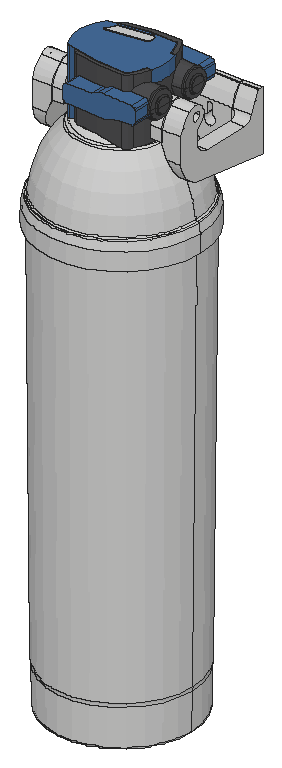
Revit family "QF_Vivreau_PURITY C500 Quell ST Advanced", category Specialty Equipment, Revit 2020 (continued)
Definition of nested family "QF_Vivreau_Wall Bracket_C500"
  Forms (in)
    Extrusion 4, void
      sketch origin (0, 0, 0) x (1, 0, 0) y (0, 0, 1)
        loop
          arc (4.06057, 55.15765) -> (3.95806, 55.23272) -> (3.85556, 55.15765) r 0.10752
          line (3.85556, 55.15765) -> (3.85556, 54.83453)
      from 0 to 0.50028
    Extrusion 5, solid
      sketch origin (0, 0, 0) x (0, 1, 0) y (0, 0, 1)
        loop
          arc (-3.32952, 56.64719) -> (-3.60078, 56.37477) -> (-3.74609, 56.01885) r 0.97803
          line (-3.74609, 56.01885) -> (-3.74609, 55.58356) -> (-3.04993, 55.58356) -> (-3.04993, 55.82751)
          arc (-3.04993, 55.82751) -> (-3.01891, 55.92778) -> (-2.95631, 56.01202) r 0.31113
          arc (-2.95631, 56.01202) -> (-2.87354, 56.09395) -> (-2.79381, 56.17883) r 3.21432
          arc (-2.79381, 56.17883) -> (-2.73635, 56.27963) -> (-2.7179, 56.39419) r 0.32555
          arc (-2.7179, 56.39419) -> (-2.77627, 56.58692) -> (-2.92668, 56.72083) r 0.37126
          arc (-2.92668, 56.72083) -> (-3.14017, 56.75004) -> (-3.32952, 56.64719) r 0.34587
      from 0.71175 to 1.13945
    Extrusion 6, solid
      sketch origin (4.34798, 0, 0) x (0, 1, 0) y (0, 0, 1)
        loop
          arc (-3.32952, 56.64719) -> (-3.60078, 56.37477) -> (-3.74609, 56.01885) r 0.97803
          line (-3.74609, 56.01885) -> (-3.74609, 55.58356) -> (-3.04993, 55.58356) -> (-3.04993, 55.82751)
          arc (-3.04993, 55.82751) -> (-3.01891, 55.92778) -> (-2.95631, 56.01202) r 0.31113
          arc (-2.95631, 56.01202) -> (-2.87354, 56.09395) -> (-2.79381, 56.17883) r 3.21432
          arc (-2.79381, 56.17883) -> (-2.73635, 56.27963) -> (-2.7179, 56.39419) r 0.32555
          arc (-2.7179, 56.39419) -> (-2.77627, 56.58692) -> (-2.92668, 56.72083) r 0.37126
          arc (-2.92668, 56.72083) -> (-3.14017, 56.75004) -> (-3.32952, 56.64719) r 0.34587
      from 0 to 0.4277
    Extrusion 7, solid
      sketch origin (0, 0, 0) x (0, 1, 0) y (0, 0, 1)
        loop
          circle (-3.06236, 56.38281) r 0.17302
      from 1.13945 to 1.35172
    Extrusion 8, solid
      sketch origin (2.86179, 0, 0) x (0, 1, 0) y (0, 0, 1)
        loop
          circle (-3.06236, 56.38281) r 0.17302
      from 1.19877 to 1.48618
    Extrusion 9, void
      sketch origin (0, 0, 0) x (1, 0, 0) y (0, 0, 1)
        loop
          line (0.15642, 53.82017) -> (0.15642, 53.76981) -> (0.77378, 53.76981) -> (0.77378, 55.54717) -> (0.71175, 55.54717)
          arc (0.71175, 55.54717) -> (0.39158, 54.69733) -> (0.15642, 53.82017) r 9.23624
      from 0.51986 to 3.74609
    Extrusion 10, void
      sketch origin (5.48742, 0, 0) x (-1, 0, 0) y (0, 0, -1)
        loop
          arc (0.15642, -53.82017) -> (0.39158, -54.69733) -> (0.71175, -55.54717) r 9.23624
          line (0.71175, -55.54717) -> (0.77378, -55.54717) -> (0.77378, -53.76981) -> (0.15642, -53.76981) -> (0.15642, -53.82017)
      from 0.51986 to 3.74609
  Cuts and joins
    Extrusion 4, Extrusion 9 cuts Extrusion 3
    Extrusion 9, Extrusion 10 cuts Extrusion 1
    Extrusion 10 cuts Extrusion 2
  Lines and regions (in)
    symbolic lines
      curve 1: line (0, -3.23537, 56.38281) -> (0, -2.88934, 56.38281)
      curve 2: line (0.40405, -0.13295, 0) -> (0.40405, 0, 0)
      curve 3: line (0.40405, 0, 0) -> (5.08337, 0, 0)
      curve 4: line (5.08337, -0.13295, 0) -> (5.08337, 0, 0)
      curve 5: line (0.40405, -0.13295, 0) -> (5.08337, -0.13295, 0)
      curve 6: arc (0.40405, -0.13295, 0) -> (0.42218, -0.30656, 0) -> (0.44979, -0.47891, 0) r 3.18691
      curve 7: arc (0.44979, -0.47891, 0) -> (0.44265, -0.54927, 0) -> (0.42407, -0.6175, 0) r 0.42983
      curve 8: arc (0.42407, -0.6175, 0) -> (0.08893, -1.60757, 0) -> (0, -2.64903, 0) r 4.34392
      curve 9: arc (1.01852, -0.51986, 0) -> (0.66155, -1.5729, 0) -> (0.57957, -2.68176, 0) r 4.40598
      curve 10: line (0.39328, -2.68176, 0) -> (1.02034, -2.68176, 0)
      curve 11: line (1.02034, -2.68176, 0) -> (1.02034, -3.68176, 0)
      curve 12: arc (0.39328, -2.68176, 0) -> (0.27454, -2.7648, 0) -> (0.22894, -2.90232, 0) r 0.23018
      curve 13: arc (0.12248, -3.08148, 0) -> (0.15422, -3.06272, 0) -> (0.17635, -3.03322, 0) r 0.09432
      curve 14: arc (0.17635, -3.03322, 0) -> (0.20476, -2.96863, 0) -> (0.22894, -2.90232, 0) r 1.08965
      curve 15: arc (0.12248, -3.08148, 0) -> (0.0982, -3.08363, 0) -> (0.07385, -3.08469, 0) r 0.54642
      curve 16: arc (0.07385, -3.08469, 0) -> (0.04284, -3.05822, 0) -> (0.0293, -3.01977, 0) r 0.07844
      curve 17: arc (0.39328, -2.68176, 0) -> (0.44322, -2.69561, 0) -> (0.47889, -2.7332, 0) r 0.09696
      curve 18: arc (0.47889, -2.7332, 0) -> (0.51971, -2.80727, 0) -> (0.54276, -2.88864, 0) r 0.37227
      curve 19: arc (0.54276, -2.88864, 0) -> (0.55909, -3.03706, 0) -> (0.54276, -3.18547, 0) r 0.68254
      curve 20: arc (0.54276, -3.18547, 0) -> (0.46763, -3.39851, 0) -> (0.34409, -3.58761, 0) r 0.94478
      curve 21: arc (0.34409, -3.58761, 0) -> (0.29471, -3.65131, 0) -> (0.23677, -3.70733, 0) r 0.5646
      curve 22: arc (0.23677, -3.70733, 0) -> (0.20133, -3.72715, 0) -> (0.16121, -3.73335, 0) r 0.11449
      curve 23: arc (0.16121, -3.73335, 0) -> (0.12018, -3.73371, 0) -> (0.07926, -3.73682, 0) r 0.61075
      curve 24: arc (0.07926, -3.73682, 0) -> (0.02221, -3.70198, 0) -> (0, -3.63894, 0) r 0.09968
      curve 25: line (0, -3.63894, 0) -> (0, -2.64903, 0)
      curve 26: arc (0.0293, -3.01977, 0) -> (0.01004, -2.90893, 0) -> (0, -2.79687, 0) r 1.36079
      curve 27: arc (0.07926, -3.73682, 0) -> (0.21195, -3.74363, 0) -> (0.3448, -3.74609, 0) r 4.0609
      curve 28: arc (0.3448, -3.74609, 0) -> (0.65283, -3.73623, 0) -> (0.95923, -3.70313, 0) r 4.07828
      curve 29: arc (0.95923, -3.70313, 0) -> (0.99081, -3.69537, 0) -> (1.02034, -3.68176, 0) r 0.17058
      curve 30: arc (5.08337, -0.13295, 0) -> (5.06524, -0.30656, 0) -> (5.03763, -0.47891, 0) r 3.18691
      curve 31: arc (5.03763, -0.47891, 0) -> (5.04477, -0.54927, 0) -> (5.06335, -0.6175, 0) r 0.42983
      curve 32: arc (5.06335, -0.6175, 0) -> (5.39849, -1.60757, 0) -> (5.48742, -2.64903, 0) r 4.34392
      curve 33: arc (4.4689, -0.51986, 0) -> (4.82587, -1.5729, 0) -> (4.90785, -2.68176, 0) r 4.40598
      curve 34: line (5.09414, -2.68176, 0) -> (4.46708, -2.68176, 0)
      curve 35: line (4.46708, -2.68176, 0) -> (4.46708, -3.68176, 0)
      curve 36: arc (5.09414, -2.68176, 0) -> (5.21288, -2.7648, 0) -> (5.25848, -2.90232, 0) r 0.23018
      curve 37: arc (5.36494, -3.08148, 0) -> (5.3332, -3.06272, 0) -> (5.31108, -3.03322, 0) r 0.09432
      curve 38: arc (5.31108, -3.03322, 0) -> (5.28266, -2.96863, 0) -> (5.25848, -2.90232, 0) r 1.08965
      curve 39: arc (5.36494, -3.08148, 0) -> (5.38922, -3.08363, 0) -> (5.41358, -3.08469, 0) r 0.54642
      curve 40: arc (5.41358, -3.08469, 0) -> (5.44458, -3.05822, 0) -> (5.45812, -3.01977, 0) r 0.07844
      curve 41: arc (5.09414, -2.68176, 0) -> (5.0442, -2.69561, 0) -> (5.00853, -2.7332, 0) r 0.09696
      curve 42: arc (5.00853, -2.7332, 0) -> (4.96771, -2.80727, 0) -> (4.94466, -2.88864, 0) r 0.37227
      curve 43: arc (4.94466, -2.88864, 0) -> (4.92833, -3.03706, 0) -> (4.94466, -3.18547, 0) r 0.68254
      curve 44: arc (4.94466, -3.18547, 0) -> (5.01979, -3.39851, 0) -> (5.14334, -3.58761, 0) r 0.94478
      curve 45: arc (5.14334, -3.58761, 0) -> (5.19271, -3.65131, 0) -> (5.25065, -3.70733, 0) r 0.5646
      curve 46: arc (5.25065, -3.70733, 0) -> (5.28609, -3.72715, 0) -> (5.32621, -3.73335, 0) r 0.11449
      curve 47: arc (5.32621, -3.73335, 0) -> (5.36725, -3.73371, 0) -> (5.40816, -3.73682, 0) r 0.61075
      curve 48: arc (5.40816, -3.73682, 0) -> (5.46521, -3.70198, 0) -> (5.48742, -3.63894, 0) r 0.09968
      curve 49: line (5.48742, -3.63894, 0) -> (5.48742, -2.64903, 0)
      curve 50: arc (5.45812, -3.01977, 0) -> (5.47738, -2.90893, 0) -> (5.48742, -2.79687, 0) r 1.36079
      curve 51: arc (5.40816, -3.73682, 0) -> (5.27547, -3.74363, 0) -> (5.14262, -3.74609, 0) r 4.0609
      curve 52: arc (5.14262, -3.74609, 0) -> (4.8346, -3.73623, 0) -> (4.52819, -3.70313, 0) r 4.07828
      curve 53: arc (4.52819, -3.70313, 0) -> (4.49661, -3.69537, 0) -> (4.46708, -3.68176, 0) r 0.17058
      curve 54: line (1.1815, -2.88934, 0) -> (1.02034, -2.88934, 0)
      curve 55: line (1.1815, -2.88934, 0) -> (1.1815, -3.23537, 0)
      curve 56: line (1.1815, -3.23537, 0) -> (1.02034, -3.23537, 0)
      curve 57: line (4.17639, -2.88934, 0) -> (4.46708, -2.88934, 0)
      curve 58: line (4.17639, -2.88934, 0) -> (4.17639, -3.23537, 0)
      curve 59: line (4.17639, -3.23537, 0) -> (4.46708, -3.23537, 0)
      curve 60: line (1.01852, -0.51986, 0) -> (4.4689, -0.51986, 0)
      curve 61: line (0, 0, 0) -> (5.48742, 0, 0)
  Dimensions and locks (in)
    "Depth": plane 4 "FRONT" to plane 1 "BACK"
    equal spacing: plane 4 "FRONT", plane 5 "Center (Front/Back)", plane 1 "BACK"
    locked: plane 3 "LEFT" to plane 7 "RIGHT" at 5.48742
    equal spacing: plane 3 "LEFT", plane 8 "Center (Left/Right)", plane 7 "RIGHT"
    plane 10 "Center F/D" to plane 9 "Center F/C" to plane 11 "Center F/E" to plane 12 "Center F/F" to plane 6 "Center (Bottom/Top)" to plane 14 "Center F/N" = 0' - 0.36597" locked, 0' - 0.36396" locked, 0' - 0.94337" locked, 0' - 1.25532" locked, 1' - 5.82017" locked
    locked: plane 13 "Center F/I" to plane 10 "Center F/D" at 0.16528
    "Mounting Height": plane 14 "Center F/N" to plane 2 "REF. LAYER"
    aligned and locked: level to plane 2 "REF. LAYER"
    aligned and locked: plane 11 "Center F/E" to Extrusion 1 sketch curve
    aligned and locked: plane 1 "BACK" to Extrusion 1 sketch curve
    aligned and locked: plane 12 "Center F/F" to Extrusion 1 sketch curve
    aligned and locked: Extrusion 1 sketch curve to plane 12 "Center F/F"
    aligned and locked: plane 4 "FRONT" to Extrusion 1 sketch curve
    aligned and locked: plane 3 "LEFT" to curve 61
    aligned and locked: plane 7 "RIGHT" to curve 61
    aligned and locked: curve 61 to plane 2 "REF. LAYER"
    aligned and locked: Extrusion 5 to cut or joined group of Extrusion 1, Extrusion 9, Extrusion 10
    aligned and locked: Extrusion 6 to cut or joined group of Extrusion 2, Extrusion 10
  Automatic sketch dimensions
    curve 1 to plane 9 "Center F/C" = 0' - 0"
    curve 1 to plane 4 "FRONT" = 0' - 0.51072"
    curve 1 to curve 1 = 0' - 0.34603"
    curve 26 to plane 3 "LEFT" = 0' - 0"
    plane 4 "FRONT" to curve 27 = 0' - 0"
    plane 1 "BACK" to curve 2 = 0' - 0"
    plane 4 "FRONT" to curve 51 = 0' - 0"
    curve 48 to plane 7 "RIGHT" = 0' - 0"
    curve 19 to plane 3 "LEFT" = 0' - 0.12345"
    curve 21 to plane 3 "LEFT" = 0' - 0.12571"
    curve 20 to curve 19 = 0' - 0.25597"
    curve 14 to curve 20 = 0' - 0.42691"
    plane 3 "LEFT" to curve 7 = 0' - 0.02004"
    plane 3 "LEFT" to curve 15 = 0' - 0.06218"
    plane 3 "LEFT" to curve 13 = 0' - 0.09129"
    plane 3 "LEFT" to curve 24 = 0' - 0.09968"
    curve 13 to curve 16 = 0' - 0.01623"
    plane 3 "LEFT" to curve 23 = 0' - 0.146"
    curve 24 to curve 22 = 0' - 0.06438"
    curve 16 to curve 18 = 0' - 0.06786"
    plane 3 "LEFT" to curve 27 = 0' - 0.35368"
    curve 27 to curve 28 = 0' - 0.01466"
    curve 18 to curve 10 = 0' - 0.2179"
    plane 1 "BACK" to curve 5 = 0' - 0.13295"
    plane 3 "LEFT" to curve 5 = 0' - 0.40405"
    curve 17 to curve 12 = 0' - 0.06584"
    curve 12 to curve 33 = 0' - 0.11471"
    curve 29 to plane 4 "FRONT" = 0' - 0.21174"
    curve 22 to curve 29 = 0' - 0.77045"
    plane 1 "BACK" to curve 60 = 0' - 0.51986"
    curve 2 to curve 60 = 0' - 0.61447"
    curve 33 to curve 11 = 0' - 0.51235"
    curve 10 to curve 32 = 0' - 0.12589"
    curve 54 to curve 54 = 0' - 0.16115"
    curve 54 to curve 26 = 0' - 0.17773"
    curve 30 to plane 1 "BACK" = 0' - 0.11117"
    curve 30 to plane 8 "Center (Left/Right)" = 0' - 0.83788"
    curve 6 to plane 1 "BACK" = 0' - 0.11117"
    plane 8 "Center (Left/Right)" to curve 6 = 0' - 0.83788"
    curve 50 to plane 7 "RIGHT" = 0' - 1.35923"
    curve 50 to curve 57 = 0' - 0.0482"
    curve 50 to curve 8 = 0' - 0.213"
    curve 8 to curve 34 = 0' - 0.12589"
    curve 60 to plane 7 "RIGHT" = 0' - 1.01852"
    curve 35 to curve 53 = 0' - 0.08583"
    curve 9 to plane 7 "RIGHT" = 0' - 0.50799"
    curve 9 to curve 36 = 0' - 0.04887"
    curve 5 to plane 7 "RIGHT" = 0' - 0.40405"
    curve 36 to curve 34 = 0' - 0.06584"
    curve 3 to curve 52 = 0' - 0.03571"
    curve 52 to curve 51 = 0' - 0.01466"
    curve 42 to plane 7 "RIGHT" = 0' - 0.17538"
    curve 46 to plane 4 "FRONT" = 0' - 0.12719"
    curve 46 to plane 7 "RIGHT" = 0' - 0 21/128"
    curve 47 to plane 7 "RIGHT" = 0' - 0.146"
    curve 42 to curve 40 = 0' - 0.06786"
    curve 46 to curve 48 = 0' - 0.06438"
    curve 40 to curve 37 = 0' - 0.01623"
    curve 39 to plane 7 "RIGHT" = 0' - 0.06218"
    curve 31 to plane 7 "RIGHT" = 0' - 0.02004"
    plane 7 "RIGHT" to curve 43 = 0' - 0.12345"
    plane 7 "RIGHT" to curve 45 = 0' - 0.12571"
    curve 43 to curve 44 = 0' - 0.25597"
    curve 44 to curve 38 = 0' - 0.42691"
    plane 4 "FRONT" to curve 47 = 0' - 0.59782"
    plane 4 "FRONT" to curve 23 = 0' - 0.59782"
    curve 11 to plane 4 "FRONT" = 0' - 0.06433"
    curve 35 to plane 4 "FRONT" = 0' - 0.06433"
    curve 48 to curve 46 = 0' - 0.02035"
    curve 28 to curve 24 = 0' - 0.10684"
    curve 24 to curve 25 = 0' - 0.00031"
    curve 48 to curve 49 = 0' - 0.00031"
    curve 24 to curve 22 = 0' - 0.02035"
    curve 35 to curve 53 = 0' - 0.14741"
    curve 25 to curve 21 = 0' - 0.36448"
    curve 48 to curve 45 = 0' - 0.36448"
    curve 29 to curve 56 = 0' - 0.29898"
    curve 53 to curve 58 = 0' - 0.29898"
    curve 21 to curve 19 = 0' - 0.23741"
    curve 45 to curve 43 = 0' - 0.23741"
    curve 19 to curve 16 = 0' - 0.02321"
    curve 43 to curve 40 = 0' - 0.02321"
    curve 16 to curve 13 = 0' - 0.02138"
    curve 40 to curve 37 = 0' - 0.02138"
    curve 19 to curve 20 = 0' - 0.05702"
    curve 43 to curve 44 = 0' - 0.05702"
    curve 40 to curve 42 = 0' - 0.06509"
    curve 16 to curve 18 = 0' - 0.06509"
    curve 18 to curve 12 = 0' - 0.04643"
    curve 42 to curve 36 = 0' - 0.04643"
    curve 58 to curve 57 = 0' - 0.34603"
    curve 55 to curve 54 = 0' - 0.34603"
    curve 36 to curve 41 = 0' - 0.12361"
    curve 12 to curve 17 = 0' - 0.12361"
    curve 57 to curve 50 = 0' - 0.15777"
    curve 54 to curve 26 = 0' - 0.15777"
    curve 54 to curve 11 = 0' - 0.20758"
    curve 57 to curve 34 = 0' - 0.20758"
    curve 12 to curve 25 = 0' - 0.25329"
    curve 36 to curve 49 = 0' - 0.25329"
    curve 20 to curve 14 = 0' - 0.41766"
    curve 44 to curve 38 = 0' - 0.41766"
    curve 8 to curve 15 = 0' - 0.11064"
    curve 32 to curve 39 = 0' - 0.11064"
    curve 34 to curve 8 = 0' - 0.18655"
    curve 10 to curve 32 = 0' - 0.18655"
    curve 9 to curve 33 = 0' - 0.23217"
    curve 33 to curve 9 = 0' - 0.23217"
    plane 1 "BACK" to curve 31 = 0' - 0.47084"
    plane 1 "BACK" to curve 7 = 0' - 0.47084"
    curve 51 to plane 1 "BACK" = 0' - 0.31479"
    curve 27 to plane 1 "BACK" = 0' - 0.31479"
    curve 51 to curve 52 = 0' - 0.01732"
    curve 27 to curve 28 = 0' - 0.01732"
    plane 3 "LEFT" to curve 26 = 0' - 0.0293"
    plane 3 "LEFT" to curve 16 = 0' - 0.07385"
    curve 27 to curve 24 = 0' - 0.02042"
    curve 16 to curve 13 = 0' - 0.04863"
    curve 22 to curve 23 = 0' - 0"
    curve 13 to curve 14 = 0' - 0"
    curve 21 to plane 4 "FRONT" = 0' - 0.03876"
    curve 20 to plane 4 "FRONT" = 0' - 0.15848"
    plane 3 "LEFT" to curve 8 = 0' - 0.42407"
    curve 17 to curve 17 = 0' - 0.08561"
    curve 19 to curve 20 = 0' - 0"
    curve 52 to curve 53 = 0' - 0"
    curve 42 to curve 36 = 0' - 0.08364"
    curve 43 to curve 36 = 0' - 0.08364"
    curve 44 to curve 43 = 0' - 0"
    curve 31 to curve 4 = 0' - 0.04574"
    curve 45 to plane 4 "FRONT" = 0' - 0.15848"
    curve 46 to plane 4 "FRONT" = 0' - 0.03876"
    curve 37 to curve 38 = 0' - 0"
    curve 37 to curve 40 = 0' - 0.01496"
    curve 39 to curve 39 = 0' - 0.04863"
    curve 50 to plane 7 "RIGHT" = 0' - 0.0293"
    Extrusion 1 sketch curve to plane 9 "Center F/C" = 0' - 0"
    Extrusion 1 sketch curve to plane 6 "Center (Bottom/Top)" = 0' - 0"
    Extrusion 1 sketch curve to plane 12 "Center F/F" = 0' - 0"
    Extrusion 1 sketch curve to plane 11 "Center F/E" = 0' - 0"
    plane 4 "FRONT" to Extrusion 1 sketch curve = 0' - 1.42987"
    plane 9 "Center F/C" to Extrusion 1 sketch curve = 0' - 0.00416"
    Extrusion 1 sketch curve to plane 4 "FRONT" = 0' - 0.657"
    Extrusion 1 sketch curve to Extrusion 1 sketch curve = 0' - 0.01111"
    Extrusion 1 sketch curve to Extrusion 1 sketch curve = 0' - 0.02674"
    Extrusion 1 sketch curve to plane 11 "Center F/E" = 0' - 0.19134"
    Extrusion 1 sketch curve to Extrusion 1 sketch curve = 0' - 0.01242"
    plane 6 "Center (Bottom/Top)" to Extrusion 1 sketch curve = 0' - 0.39563"
    Extrusion 1 sketch curve to plane 4 "FRONT" = 0' - 0.69616"
    Extrusion 1 sketch curve to Extrusion 1 sketch curve = 0' - 0.01897"
    Extrusion 1 sketch curve to Extrusion 1 sketch curve = 0' - 0.26431"
    Extrusion 1 sketch curve to Extrusion 1 sketch curve = 0' - 0.04417"
    plane 12 "Center F/F" to Extrusion 1 sketch curve = 0' - 0.12897"
    Extrusion 1 sketch curve to Extrusion 1 sketch curve = 0' - 0.1996"
    plane 1 "BACK" to Extrusion 1 sketch curve = 0' - 0.82448"
    Extrusion 1 sketch curve to Extrusion 1 sketch curve = 0' - 0.01126"
    Extrusion 1 sketch curve to Extrusion 1 sketch curve = 0' - 0.13295"
    Extrusion 1 sketch curve to Extrusion 1 sketch curve = 0' - 0.01033"
    Extrusion 1 sketch curve to plane 12 "Center F/F" = 0' - 0.24956"
    Extrusion 1 sketch curve to plane 1 "BACK" = 0' - 1.35693"
    plane 12 "Center F/F" to Extrusion 1 sketch curve = 0' - 0.33547"
    Extrusion 1 sketch curve to plane 11 "Center F/E" = 0' - 0.23186"
    Extrusion 1 sketch curve to Extrusion 1 sketch curve = 0' - 0.04736"
    Extrusion 1 sketch curve to plane 11 "Center F/E" = 0' - 0.05594"
    plane 9 "Center F/C" to Extrusion 1 sketch curve = 0' - 0.00505"
    Extrusion 1 sketch curve to Extrusion 1 sketch curve = 0' - 0.02283"
    plane 13 "Center F/I" to Extrusion 1 sketch curve = 0' - 1.42282"
    Extrusion 1 sketch curve to plane 10 "Center F/D" = 0' - 0.10159"
    Extrusion 1 sketch curve to Extrusion 1 sketch curve = 0' - 0"  (x3)
    plane 11 "Center F/E" to Extrusion 1 sketch curve = 0' - 0.15998"
    Extrusion 2 sketch curve to plane 4 "FRONT" = 0' - 0"
    Extrusion 2 sketch curve to plane 9 "Center F/C" = 0' - 0"
    Extrusion 2 sketch curve to plane 12 "Center F/F" = 0' - 0"  (x2)
    Extrusion 2 sketch curve to plane 11 "Center F/E" = 0' - 0"  (x2)
    Extrusion 2 sketch curve to plane 1 "BACK" = 0' - 0"
    Extrusion 2 sketch curve to plane 6 "Center (Bottom/Top)" = 0' - 0"
    plane 4 "FRONT" to Extrusion 2 sketch curve = 0' - 1.42987"
    plane 9 "Center F/C" to Extrusion 2 sketch curve = 0' - 0.00416"
    Extrusion 2 sketch curve to plane 4 "FRONT" = 0' - 0.657"
    Extrusion 2 sketch curve to Extrusion 2 sketch curve = 0' - 0.01111"
    Extrusion 2 sketch curve to Extrusion 2 sketch curve = 0' - 0.02674"
    Extrusion 2 sketch curve to plane 11 "Center F/E" = 0' - 0.19134"
    Extrusion 2 sketch curve to Extrusion 2 sketch curve = 0' - 0.01242"
    plane 6 "Center (Bottom/Top)" to Extrusion 2 sketch curve = 0' - 0.39563"
    Extrusion 2 sketch curve to plane 4 "FRONT" = 0' - 0.69616"
    Extrusion 2 sketch curve to Extrusion 2 sketch curve = 0' - 0.01897"
    Extrusion 2 sketch curve to Extrusion 2 sketch curve = 0' - 0.26431"
    Extrusion 2 sketch curve to Extrusion 2 sketch curve = 0' - 0.04417"
    plane 12 "Center F/F" to Extrusion 2 sketch curve = 0' - 0.12897"
    Extrusion 2 sketch curve to Extrusion 2 sketch curve = 0' - 0.1996"
    plane 1 "BACK" to Extrusion 2 sketch curve = 0' - 0.82448"
    Extrusion 2 sketch curve to Extrusion 2 sketch curve = 0' - 0.01126"
    Extrusion 2 sketch curve to Extrusion 2 sketch curve = 0' - 0.13295"
    Extrusion 2 sketch curve to Extrusion 2 sketch curve = 0' - 0.01033"
    Extrusion 2 sketch curve to plane 12 "Center F/F" = 0' - 0.24956"
    Extrusion 2 sketch curve to plane 1 "BACK" = 0' - 1.35693"
    plane 12 "Center F/F" to Extrusion 2 sketch curve = 0' - 0.33547"
    Extrusion 2 sketch curve to plane 11 "Center F/E" = 0' - 0.23186"
    Extrusion 2 sketch curve to Extrusion 2 sketch curve = 0' - 0.04736"
    Extrusion 2 sketch curve to plane 11 "Center F/E" = 0' - 0.05594"
    plane 9 "Center F/C" to Extrusion 2 sketch curve = 0' - 0.00505"
    Extrusion 2 sketch curve to Extrusion 2 sketch curve = 0' - 0.02283"
    plane 13 "Center F/I" to Extrusion 2 sketch curve = 0' - 1.42282"
    Extrusion 2 sketch curve to plane 10 "Center F/D" = 0' - 0.10159"
    Extrusion 2 sketch curve to Extrusion 2 sketch curve = 0' - 0"  (x3)
    plane 11 "Center F/E" to Extrusion 2 sketch curve = 0' - 0.15998"
    Extrusion 3 sketch curve to plane 11 "Center F/E" = 0' - 0"
    Extrusion 3 sketch curve to plane 1 "BACK" = 0' - 0"
    Extrusion 3 sketch curve to plane 6 "Center (Bottom/Top)" = 0' - 0"
    Extrusion 3 sketch curve to plane 11 "Center F/E" = 0' - 0.05594"
    plane 1 "BACK" to Extrusion 3 sketch curve = 0' - 0.12262"
    Extrusion 3 sketch curve to Extrusion 3 sketch curve = 0' - 0.01033"
    plane 6 "Center (Bottom/Top)" to Extrusion 3 sketch curve = 0' - 0.0649"
    plane 1 "BACK" to Extrusion 3 sketch curve = 0' - 0.50028"
    Extrusion 3 sketch curve to plane 12 "Center F/F" = 0' - 0.24956"
    Extrusion 3 sketch curve to plane 1 "BACK" = 0' - 1.35693"
    plane 12 "Center F/F" to Extrusion 3 sketch curve = 0' - 0.24852"
    plane 12 "Center F/F" to Extrusion 4 sketch curve = 0' - 0.08217"  (x2)
    Extrusion 4 sketch curve to plane 8 "Center (Left/Right)" = 0' - 1.30818"
    Extrusion 4 sketch curve to Extrusion 4 sketch curve = 0' - 0.10205"  (x2)
    plane 12 "Center F/F" to Extrusion 4 sketch curve = 0' - 0.04972"  (x2)
    Extrusion 4 sketch curve to Extrusion 4 sketch curve = 0' - 0.1025"  (x2)
    Extrusion 4 sketch curve to Extrusion 4 sketch curve = 0' - 0.205"  (x2)
    Extrusion 4 sketch curve to plane 12 "Center F/F" = 0' - 0.24096"
    plane 8 "Center (Left/Right)" to Extrusion 4 sketch curve = 0' - 1.11185"
    Extrusion 4 sketch curve to plane 12 "Center F/F" = 0' - 0.24147"
    Extrusion 4 sketch curve to Extrusion 4 sketch curve = 0' - 0.00051"
    Extrusion 4 sketch curve to Extrusion 4 sketch curve = 0' - 0.18093"
    Extrusion 5 sketch curve to plane 4 "FRONT" = 0' - 0"
    Extrusion 5 sketch curve to plane 11 "Center F/E" = 0' - 0"
    plane 4 "FRONT" to Extrusion 5 sketch curve = 0' - 1.42987"
    plane 9 "Center F/C" to Extrusion 5 sketch curve = 0' - 0.00416"
    Extrusion 5 sketch curve to plane 4 "FRONT" = 0' - 0.657"
    Extrusion 5 sketch curve to Extrusion 5 sketch curve = 0' - 0.01111"
    Extrusion 5 sketch curve to plane 4 "FRONT" = 0' - 0.69616"
    Extrusion 5 sketch curve to Extrusion 5 sketch curve = 0' - 0.0346"
    Extrusion 5 sketch curve to Extrusion 5 sketch curve = 0' - 0.26431"
    Extrusion 5 sketch curve to Extrusion 5 sketch curve = 0' - 0.04417"
    Extrusion 5 sketch curve to plane 11 "Center F/E" = 0' - 0.1845"
    Extrusion 5 sketch curve to plane 11 "Center F/E" = 0' - 0.19134"
    Extrusion 5 sketch curve to Extrusion 5 sketch curve = 0' - 0.04736"
    Extrusion 5 sketch curve to Extrusion 5 sketch curve = 0' - 0.43529"
    plane 9 "Center F/C" to Extrusion 5 sketch curve = 0' - 0.00505"
    Extrusion 5 sketch curve to Extrusion 5 sketch curve = 0' - 0.02283"
    plane 13 "Center F/I" to Extrusion 5 sketch curve = 0' - 1.42282"
    Extrusion 5 sketch curve to plane 10 "Center F/D" = 0' - 0.10159"
    Extrusion 5 sketch curve to Extrusion 5 sketch curve = 0' - 0"  (x2)
    plane 11 "Center F/E" to Extrusion 5 sketch curve = 0' - 0.15998"
    Extrusion 6 sketch curve to plane 4 "FRONT" = 0' - 0"
    Extrusion 6 sketch curve to plane 11 "Center F/E" = 0' - 0"
    plane 4 "FRONT" to Extrusion 6 sketch curve = 0' - 1.42987"
    plane 9 "Center F/C" to Extrusion 6 sketch curve = 0' - 0.00416"
    Extrusion 6 sketch curve to plane 4 "FRONT" = 0' - 0.657"
    Extrusion 6 sketch curve to Extrusion 6 sketch curve = 0' - 0.01111"
    Extrusion 6 sketch curve to plane 4 "FRONT" = 0' - 0.69616"
    Extrusion 6 sketch curve to Extrusion 6 sketch curve = 0' - 0.0346"
    Extrusion 6 sketch curve to Extrusion 6 sketch curve = 0' - 0.26431"
    Extrusion 6 sketch curve to Extrusion 6 sketch curve = 0' - 0.04417"
    Extrusion 6 sketch curve to plane 11 "Center F/E" = 0' - 0.1845"
    Extrusion 6 sketch curve to plane 11 "Center F/E" = 0' - 0.19134"
    Extrusion 6 sketch curve to Extrusion 6 sketch curve = 0' - 0.04736"
    Extrusion 6 sketch curve to Extrusion 6 sketch curve = 0' - 0.43529"
    plane 9 "Center F/C" to Extrusion 6 sketch curve = 0' - 0.00505"
    Extrusion 6 sketch curve to Extrusion 6 sketch curve = 0' - 0.02283"
    plane 13 "Center F/I" to Extrusion 6 sketch curve = 0' - 1.42282"
    Extrusion 6 sketch curve to plane 10 "Center F/D" = 0' - 0.10159"
    Extrusion 6 sketch curve to Extrusion 6 sketch curve = 0' - 0"  (x2)
    plane 11 "Center F/E" to Extrusion 6 sketch curve = 0' - 0.15998"
    Extrusion 7 sketch curve to plane 9 "Center F/C" = 0' - 0"
    Extrusion 7 sketch curve to plane 4 "FRONT" = 0' - 0.68374"
    Extrusion 8 sketch curve to plane 9 "Center F/C" = 0' - 0"
    Extrusion 8 sketch curve to plane 4 "FRONT" = 0' - 0.68374"
    Extrusion 9 sketch curve to plane 6 "Center (Bottom/Top)" = 0' - 0"
    Extrusion 9 sketch curve to plane 6 "Center (Bottom/Top)" = 0' - 0.05036"
    plane 3 "LEFT" to Extrusion 9 sketch curve = 0' - 0.15642"
    Extrusion 9 sketch curve to plane 11 "Center F/E" = 0' - 0.47168"
    plane 3 "LEFT" to Extrusion 9 sketch curve = 0' - 0.71175"
    Extrusion 9 sketch curve to Extrusion 9 sketch curve = 0' - 0.61736"
    Extrusion 9 sketch curve to plane 6 "Center (Bottom/Top)" = 0' - 1.95025"
    Extrusion 10 sketch curve to plane 6 "Center (Bottom/Top)" = 0' - 0"
    plane 6 "Center (Bottom/Top)" to Extrusion 10 sketch curve = 0' - 0.05036"
    plane 7 "RIGHT" to Extrusion 10 sketch curve = 0' - 0.15642"
    plane 11 "Center F/E" to Extrusion 10 sketch curve = 0' - 0.47168"
    Extrusion 10 sketch curve to Extrusion 10 sketch curve = 0' - 0.55533"
    Extrusion 10 sketch curve to Extrusion 10 sketch curve = 0' - 0.61736"
    plane 6 "Center (Bottom/Top)" to Extrusion 10 sketch curve = 0' - 1.95025"
    radius of Extrusion 1 sketch curve = 0' - 0.17302"
    radius of Extrusion 2 sketch curve = 0' - 0.17302"
    radius of Extrusion 7 sketch curve = 0' - 0.17302"
    radius of Extrusion 8 sketch curve = 0' - 0.17302"
